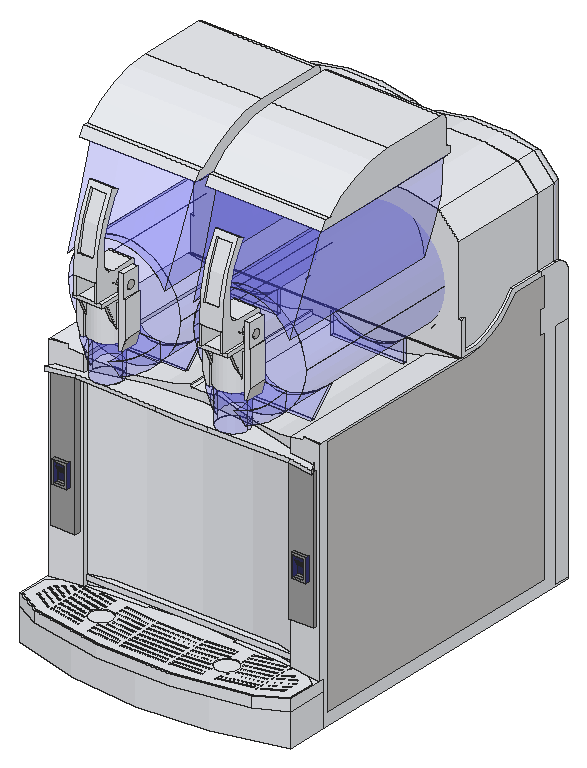
Revit family "QF_ELECTROLUXPROFESSIONAL_560022_NINA2", category Specialty Equipment, Revit 2018 (continued)
Automatic sketch dimensions
  curve 67 to curve 134 = 0.0 mm  (x2)
  curve 67 to curve 135 = 0.0 mm  (x2)
  curve 67 to curve 136 = 0.0 mm  (x2)
  curve 67 to curve 137 = 0.0 mm  (x2)
  curve 67 to curve 138 = 0.0 mm  (x2)
  curve 67 to curve 139 = 0.0 mm  (x2)
  curve 67 to curve 140 = 0.0 mm  (x2)
  curve 67 to curve 141 = 0.0 mm  (x2)
  curve 67 to curve 142 = 0.0 mm  (x2)
  curve 67 to curve 143 = 0.0 mm  (x2)
  curve 67 to curve 144 = 0.0 mm  (x2)
  curve 67 to curve 145 = 0.0 mm  (x2)
  curve 67 to curve 146 = 0.0 mm  (x2)
  curve 67 to curve 147 = 0.0 mm  (x2)
  curve 67 to curve 148 = 0.0 mm  (x2)
  curve 67 to curve 167 = 0.0 mm  (x2)
  curve 67 to curve 168 = 0.0 mm  (x2)
  curve 67 to curve 169 = 0.0 mm  (x2)
  curve 67 to curve 170 = 0.0 mm  (x2)
  curve 67 to curve 171 = 0.0 mm  (x2)
  curve 67 to curve 172 = 0.0 mm  (x2)
  curve 67 to curve 173 = 0.0 mm  (x2)
  curve 67 to curve 174 = 0.0 mm  (x2)
  curve 67 to curve 175 = 0.0 mm  (x2)
  curve 67 to curve 176 = 0.0 mm  (x2)
  curve 67 to curve 177 = 0.0 mm  (x2)
  curve 68 to curve 69 = 0.0 mm  (x2)
  curve 68 to curve 70 = 0.0 mm  (x2)
  curve 68 to curve 71 = 0.0 mm  (x2)
  curve 68 to curve 72 = 0.0 mm  (x2)
  curve 68 to curve 91 = 0.0 mm  (x2)
  curve 68 to curve 92 = 0.0 mm  (x2)
  curve 68 to curve 93 = 0.0 mm  (x2)
  curve 68 to curve 94 = 0.0 mm  (x2)
  curve 68 to curve 95 = 0.0 mm  (x2)
  curve 68 to curve 96 = 0.0 mm  (x2)
  curve 68 to curve 97 = 0.0 mm  (x2)
  curve 68 to curve 98 = 0.0 mm  (x2)
  curve 68 to curve 99 = 0.0 mm  (x2)
  curve 68 to curve 100 = 0.0 mm  (x2)
  curve 68 to curve 101 = 0.0 mm  (x2)
  curve 68 to curve 116 = 0.0 mm  (x2)
  curve 68 to curve 117 = 0.0 mm  (x2)
  curve 68 to curve 134 = 0.0 mm  (x2)
  curve 68 to curve 135 = 0.0 mm  (x2)
  curve 68 to curve 136 = 0.0 mm  (x2)
  curve 68 to curve 137 = 0.0 mm  (x2)
  curve 68 to curve 138 = 0.0 mm  (x2)
  curve 68 to curve 139 = 0.0 mm  (x2)
  curve 68 to curve 140 = 0.0 mm  (x2)
  curve 68 to curve 141 = 0.0 mm  (x2)
  curve 68 to curve 142 = 0.0 mm  (x2)
  curve 68 to curve 143 = 0.0 mm  (x2)
  curve 68 to curve 144 = 0.0 mm  (x2)
  curve 68 to curve 145 = 0.0 mm  (x2)
  curve 68 to curve 146 = 0.0 mm  (x2)
  curve 68 to curve 147 = 0.0 mm  (x2)
  curve 68 to curve 148 = 0.0 mm  (x2)
  curve 68 to curve 167 = 0.0 mm  (x2)
  curve 68 to curve 168 = 0.0 mm  (x2)
  curve 68 to curve 169 = 0.0 mm  (x2)
  curve 68 to curve 170 = 0.0 mm  (x2)
  curve 68 to curve 171 = 0.0 mm  (x2)
  curve 68 to curve 172 = 0.0 mm  (x2)
  curve 68 to curve 173 = 0.0 mm  (x2)
  curve 68 to curve 174 = 0.0 mm  (x2)
  curve 68 to curve 175 = 0.0 mm  (x2)
  curve 68 to curve 176 = 0.0 mm  (x2)
  curve 68 to curve 177 = 0.0 mm  (x2)
  curve 69 to curve 70 = 0.0 mm  (x2)
  curve 69 to curve 71 = 0.0 mm  (x2)
  curve 69 to curve 72 = 0.0 mm  (x2)
  curve 69 to curve 91 = 0.0 mm  (x2)
  curve 69 to curve 92 = 0.0 mm  (x2)
  curve 69 to curve 93 = 0.0 mm  (x2)
  curve 69 to curve 94 = 0.0 mm  (x2)
  curve 69 to curve 95 = 0.0 mm  (x2)
  curve 69 to curve 96 = 0.0 mm  (x2)
  curve 69 to curve 97 = 0.0 mm  (x2)
  curve 69 to curve 98 = 0.0 mm  (x2)
  curve 69 to curve 99 = 0.0 mm  (x2)
  curve 69 to curve 100 = 0.0 mm  (x2)
  curve 69 to curve 101 = 0.0 mm  (x2)
  curve 69 to curve 116 = 0.0 mm  (x2)
  curve 69 to curve 117 = 0.0 mm  (x2)
  curve 69 to curve 134 = 0.0 mm  (x2)
  curve 69 to curve 135 = 0.0 mm  (x2)
  curve 69 to curve 136 = 0.0 mm  (x2)
  curve 69 to curve 137 = 0.0 mm  (x2)
  curve 69 to curve 138 = 0.0 mm  (x2)
  curve 69 to curve 139 = 0.0 mm  (x2)
  curve 69 to curve 140 = 0.0 mm  (x2)
  curve 69 to curve 141 = 0.0 mm  (x2)
  curve 69 to curve 142 = 0.0 mm  (x2)
  curve 69 to curve 143 = 0.0 mm  (x2)
  curve 69 to curve 144 = 0.0 mm  (x2)
  curve 69 to curve 145 = 0.0 mm  (x2)
  curve 69 to curve 146 = 0.0 mm  (x2)
  curve 69 to curve 147 = 0.0 mm  (x2)
  curve 69 to curve 148 = 0.0 mm  (x2)
  curve 69 to curve 167 = 0.0 mm  (x2)
  curve 69 to curve 168 = 0.0 mm  (x2)
  curve 69 to curve 169 = 0.0 mm  (x2)
  curve 69 to curve 170 = 0.0 mm  (x2)
  curve 69 to curve 171 = 0.0 mm  (x2)
  curve 69 to curve 172 = 0.0 mm  (x2)
  curve 69 to curve 173 = 0.0 mm  (x2)
  curve 69 to curve 174 = 0.0 mm  (x2)
  curve 69 to curve 175 = 0.0 mm  (x2)
  curve 69 to curve 176 = 0.0 mm  (x2)
  curve 69 to curve 177 = 0.0 mm  (x2)
  curve 70 to curve 71 = 0.0 mm  (x2)
  curve 70 to curve 72 = 0.0 mm  (x2)
  curve 70 to curve 91 = 0.0 mm  (x2)
  curve 70 to curve 92 = 0.0 mm  (x2)
  curve 70 to curve 93 = 0.0 mm  (x2)
  curve 70 to curve 94 = 0.0 mm  (x2)
  curve 70 to curve 95 = 0.0 mm  (x2)
  curve 70 to curve 96 = 0.0 mm  (x2)
  curve 70 to curve 97 = 0.0 mm  (x2)
  curve 70 to curve 98 = 0.0 mm  (x2)
  curve 70 to curve 99 = 0.0 mm  (x2)
  curve 70 to curve 100 = 0.0 mm  (x2)
  curve 70 to curve 101 = 0.0 mm  (x2)
  curve 70 to curve 116 = 0.0 mm  (x2)
  curve 70 to curve 117 = 0.0 mm  (x2)
  curve 70 to curve 134 = 0.0 mm  (x2)
  curve 70 to curve 135 = 0.0 mm  (x2)
  curve 70 to curve 136 = 0.0 mm  (x2)
  curve 70 to curve 137 = 0.0 mm  (x2)
  curve 70 to curve 138 = 0.0 mm  (x2)
  curve 70 to curve 139 = 0.0 mm  (x2)
  curve 70 to curve 140 = 0.0 mm  (x2)
  curve 70 to curve 141 = 0.0 mm  (x2)
  curve 70 to curve 142 = 0.0 mm  (x2)
  curve 70 to curve 143 = 0.0 mm  (x2)
  curve 70 to curve 144 = 0.0 mm  (x2)
  curve 70 to curve 145 = 0.0 mm  (x2)
  curve 70 to curve 146 = 0.0 mm  (x2)
  curve 70 to curve 147 = 0.0 mm  (x2)
  curve 70 to curve 148 = 0.0 mm  (x2)
  curve 70 to curve 167 = 0.0 mm  (x2)
  curve 70 to curve 168 = 0.0 mm  (x2)
  curve 70 to curve 169 = 0.0 mm  (x2)
  curve 70 to curve 170 = 0.0 mm  (x2)
  curve 70 to curve 171 = 0.0 mm  (x2)
  curve 70 to curve 172 = 0.0 mm  (x2)
  curve 70 to curve 173 = 0.0 mm  (x2)
  curve 70 to curve 174 = 0.0 mm  (x2)
  curve 70 to curve 175 = 0.0 mm  (x2)
  curve 70 to curve 176 = 0.0 mm  (x2)
  curve 70 to curve 177 = 0.0 mm  (x2)
  curve 71 to curve 72 = 0.0 mm  (x2)
  curve 71 to curve 91 = 0.0 mm  (x2)
  curve 71 to curve 92 = 0.0 mm  (x2)
  curve 71 to curve 93 = 0.0 mm  (x2)
  curve 71 to curve 94 = 0.0 mm  (x2)
  curve 71 to curve 95 = 0.0 mm  (x2)
  curve 71 to curve 96 = 0.0 mm  (x2)
  curve 71 to curve 97 = 0.0 mm  (x2)
  curve 71 to curve 98 = 0.0 mm  (x2)
  curve 71 to curve 99 = 0.0 mm  (x2)
  curve 71 to curve 100 = 0.0 mm  (x2)
  curve 71 to curve 101 = 0.0 mm  (x2)
  curve 71 to curve 116 = 0.0 mm  (x2)
  curve 71 to curve 117 = 0.0 mm  (x2)
  curve 71 to curve 134 = 0.0 mm  (x2)
  curve 71 to curve 135 = 0.0 mm  (x2)
  curve 71 to curve 136 = 0.0 mm  (x2)
  curve 71 to curve 137 = 0.0 mm  (x2)
  curve 71 to curve 138 = 0.0 mm  (x2)
  curve 71 to curve 139 = 0.0 mm  (x2)
  curve 71 to curve 140 = 0.0 mm  (x2)
  curve 71 to curve 141 = 0.0 mm  (x2)
  curve 71 to curve 142 = 0.0 mm  (x2)
  curve 71 to curve 143 = 0.0 mm  (x2)
  curve 71 to curve 144 = 0.0 mm  (x2)
  curve 71 to curve 145 = 0.0 mm  (x2)
  curve 71 to curve 146 = 0.0 mm  (x2)
  curve 71 to curve 147 = 0.0 mm  (x2)
  curve 71 to curve 148 = 0.0 mm  (x2)
  curve 71 to curve 167 = 0.0 mm  (x2)
  curve 71 to curve 168 = 0.0 mm  (x2)
  curve 71 to curve 169 = 0.0 mm  (x2)
  curve 71 to curve 170 = 0.0 mm  (x2)
  curve 71 to curve 171 = 0.0 mm  (x2)
  curve 71 to curve 172 = 0.0 mm  (x2)
  curve 71 to curve 173 = 0.0 mm  (x2)
  curve 71 to curve 174 = 0.0 mm  (x2)
  curve 71 to curve 175 = 0.0 mm  (x2)
  curve 71 to curve 176 = 0.0 mm  (x2)
  curve 71 to curve 177 = 0.0 mm  (x2)
  curve 72 to curve 91 = 0.0 mm  (x2)
  curve 72 to curve 92 = 0.0 mm  (x2)
  curve 72 to curve 93 = 0.0 mm  (x2)
  curve 72 to curve 94 = 0.0 mm  (x2)
  curve 72 to curve 95 = 0.0 mm  (x2)
  curve 72 to curve 96 = 0.0 mm  (x2)
  curve 72 to curve 97 = 0.0 mm  (x2)
  curve 72 to curve 98 = 0.0 mm  (x2)
  curve 72 to curve 99 = 0.0 mm  (x2)
  curve 72 to curve 100 = 0.0 mm  (x2)
  curve 72 to curve 101 = 0.0 mm  (x2)
  curve 72 to curve 116 = 0.0 mm  (x2)
  curve 72 to curve 117 = 0.0 mm  (x2)
  curve 72 to curve 134 = 0.0 mm  (x2)
  curve 72 to curve 135 = 0.0 mm  (x2)
  curve 72 to curve 136 = 0.0 mm  (x2)
  curve 72 to curve 137 = 0.0 mm  (x2)
  curve 72 to curve 138 = 0.0 mm  (x2)
  curve 72 to curve 139 = 0.0 mm  (x2)
  curve 72 to curve 140 = 0.0 mm  (x2)
  curve 72 to curve 141 = 0.0 mm  (x2)
  curve 72 to curve 142 = 0.0 mm  (x2)
  curve 72 to curve 143 = 0.0 mm  (x2)
  curve 72 to curve 144 = 0.0 mm  (x2)
  curve 72 to curve 145 = 0.0 mm  (x2)
  curve 72 to curve 146 = 0.0 mm  (x2)
  curve 72 to curve 147 = 0.0 mm  (x2)
  curve 72 to curve 148 = 0.0 mm  (x2)
  curve 72 to curve 167 = 0.0 mm  (x2)
  curve 72 to curve 168 = 0.0 mm  (x2)
  curve 72 to curve 169 = 0.0 mm  (x2)
  curve 72 to curve 170 = 0.0 mm  (x2)
  curve 72 to curve 171 = 0.0 mm  (x2)
  curve 72 to curve 172 = 0.0 mm  (x2)
  curve 72 to curve 173 = 0.0 mm  (x2)
  curve 72 to curve 174 = 0.0 mm  (x2)
  curve 72 to curve 175 = 0.0 mm  (x2)
  curve 72 to curve 176 = 0.0 mm  (x2)
  curve 72 to curve 177 = 0.0 mm  (x2)
  curve 91 to curve 92 = 0.0 mm  (x2)
  curve 91 to curve 93 = 0.0 mm  (x2)
  curve 91 to curve 94 = 0.0 mm  (x2)
  curve 91 to curve 95 = 0.0 mm  (x2)
  curve 91 to curve 96 = 0.0 mm  (x2)
  curve 91 to curve 97 = 0.0 mm  (x2)
  curve 91 to curve 98 = 0.0 mm  (x2)
  curve 91 to curve 99 = 0.0 mm  (x2)
  curve 91 to curve 100 = 0.0 mm  (x2)
  curve 91 to curve 101 = 0.0 mm  (x2)
  curve 91 to curve 116 = 0.0 mm  (x2)
  curve 91 to curve 117 = 0.0 mm  (x2)
  curve 91 to curve 134 = 0.0 mm  (x2)
  curve 91 to curve 135 = 0.0 mm  (x2)
  curve 91 to curve 136 = 0.0 mm  (x2)
  curve 91 to curve 137 = 0.0 mm  (x2)
  curve 91 to curve 138 = 0.0 mm  (x2)
  curve 91 to curve 139 = 0.0 mm  (x2)
  curve 91 to curve 140 = 0.0 mm  (x2)
  curve 91 to curve 141 = 0.0 mm  (x2)
  curve 91 to curve 142 = 0.0 mm  (x2)
  curve 91 to curve 143 = 0.0 mm  (x2)
  curve 91 to curve 144 = 0.0 mm  (x2)
  curve 91 to curve 145 = 0.0 mm  (x2)
  curve 91 to curve 146 = 0.0 mm  (x2)
  curve 91 to curve 147 = 0.0 mm  (x2)
  curve 91 to curve 148 = 0.0 mm  (x2)
  curve 91 to curve 167 = 0.0 mm  (x2)
  curve 91 to curve 168 = 0.0 mm  (x2)
  curve 91 to curve 169 = 0.0 mm  (x2)
  curve 91 to curve 170 = 0.0 mm  (x2)
  curve 91 to curve 171 = 0.0 mm  (x2)
  curve 91 to curve 172 = 0.0 mm  (x2)
  curve 91 to curve 173 = 0.0 mm  (x2)
  curve 91 to curve 174 = 0.0 mm  (x2)
  curve 91 to curve 175 = 0.0 mm  (x2)
  curve 91 to curve 176 = 0.0 mm  (x2)
  curve 91 to curve 177 = 0.0 mm  (x2)
  curve 92 to curve 93 = 0.0 mm  (x2)
  curve 92 to curve 94 = 0.0 mm  (x2)
  curve 92 to curve 95 = 0.0 mm  (x2)
  curve 92 to curve 96 = 0.0 mm  (x2)
  curve 92 to curve 97 = 0.0 mm  (x2)
  curve 92 to curve 98 = 0.0 mm  (x2)
  curve 92 to curve 99 = 0.0 mm  (x2)
  curve 92 to curve 100 = 0.0 mm  (x2)
  curve 92 to curve 101 = 0.0 mm  (x2)
  curve 92 to curve 116 = 0.0 mm  (x2)
  curve 92 to curve 117 = 0.0 mm  (x2)
  curve 92 to curve 134 = 0.0 mm  (x2)
  curve 92 to curve 135 = 0.0 mm  (x2)
  curve 92 to curve 136 = 0.0 mm  (x2)
  curve 92 to curve 137 = 0.0 mm  (x2)
  curve 92 to curve 138 = 0.0 mm  (x2)
  curve 92 to curve 139 = 0.0 mm  (x2)
  curve 92 to curve 140 = 0.0 mm  (x2)
  curve 92 to curve 141 = 0.0 mm  (x2)
  curve 92 to curve 142 = 0.0 mm  (x2)
  curve 92 to curve 143 = 0.0 mm  (x2)
  curve 92 to curve 144 = 0.0 mm  (x2)
  curve 92 to curve 145 = 0.0 mm  (x2)
  curve 92 to curve 146 = 0.0 mm  (x2)
  curve 92 to curve 147 = 0.0 mm  (x2)
  curve 92 to curve 148 = 0.0 mm  (x2)
  curve 92 to curve 167 = 0.0 mm  (x2)
  curve 92 to curve 168 = 0.0 mm  (x2)
  curve 92 to curve 169 = 0.0 mm  (x2)
  curve 92 to curve 170 = 0.0 mm  (x2)
  curve 92 to curve 171 = 0.0 mm  (x2)
  curve 92 to curve 172 = 0.0 mm  (x2)
  curve 92 to curve 173 = 0.0 mm  (x2)
  curve 92 to curve 174 = 0.0 mm  (x2)
  curve 92 to curve 175 = 0.0 mm  (x2)
  curve 92 to curve 176 = 0.0 mm  (x2)
  curve 92 to curve 177 = 0.0 mm  (x2)
  curve 93 to curve 94 = 0.0 mm  (x2)
  curve 93 to curve 95 = 0.0 mm  (x2)
  curve 93 to curve 96 = 0.0 mm  (x2)
  curve 93 to curve 97 = 0.0 mm  (x2)
  curve 93 to curve 98 = 0.0 mm  (x2)
  curve 93 to curve 99 = 0.0 mm  (x2)
  curve 93 to curve 100 = 0.0 mm  (x2)
  curve 93 to curve 101 = 0.0 mm  (x2)
  curve 93 to curve 116 = 0.0 mm  (x2)
  curve 93 to curve 117 = 0.0 mm  (x2)
  curve 93 to curve 134 = 0.0 mm  (x2)
  curve 93 to curve 135 = 0.0 mm  (x2)
  curve 93 to curve 136 = 0.0 mm  (x2)
  curve 93 to curve 137 = 0.0 mm  (x2)
  curve 93 to curve 138 = 0.0 mm  (x2)
  curve 93 to curve 139 = 0.0 mm  (x2)
  curve 93 to curve 140 = 0.0 mm  (x2)
  curve 93 to curve 141 = 0.0 mm  (x2)
  curve 93 to curve 142 = 0.0 mm  (x2)
  curve 93 to curve 143 = 0.0 mm  (x2)
  curve 93 to curve 144 = 0.0 mm  (x2)
  curve 93 to curve 145 = 0.0 mm  (x2)
  curve 93 to curve 146 = 0.0 mm  (x2)
  curve 93 to curve 147 = 0.0 mm  (x2)
  curve 93 to curve 148 = 0.0 mm  (x2)
  curve 93 to curve 167 = 0.0 mm  (x2)
  curve 93 to curve 168 = 0.0 mm  (x2)
  curve 93 to curve 169 = 0.0 mm  (x2)
  curve 93 to curve 170 = 0.0 mm  (x2)
  curve 93 to curve 171 = 0.0 mm  (x2)
  curve 93 to curve 172 = 0.0 mm  (x2)
  curve 93 to curve 173 = 0.0 mm  (x2)
  curve 93 to curve 174 = 0.0 mm  (x2)
  curve 93 to curve 175 = 0.0 mm  (x2)
  curve 93 to curve 176 = 0.0 mm  (x2)
  curve 93 to curve 177 = 0.0 mm  (x2)
  curve 94 to curve 95 = 0.0 mm  (x2)
  curve 94 to curve 96 = 0.0 mm  (x2)
  curve 94 to curve 97 = 0.0 mm  (x2)
  curve 94 to curve 98 = 0.0 mm  (x2)
  curve 94 to curve 99 = 0.0 mm  (x2)
  curve 94 to curve 100 = 0.0 mm  (x2)
  curve 94 to curve 101 = 0.0 mm  (x2)
  curve 94 to curve 116 = 0.0 mm  (x2)
  curve 94 to curve 117 = 0.0 mm  (x2)
  curve 94 to curve 134 = 0.0 mm  (x2)
  curve 94 to curve 135 = 0.0 mm  (x2)
  curve 94 to curve 136 = 0.0 mm  (x2)
  curve 94 to curve 137 = 0.0 mm  (x2)
  curve 94 to curve 138 = 0.0 mm  (x2)
  curve 94 to curve 139 = 0.0 mm  (x2)
  curve 94 to curve 140 = 0.0 mm  (x2)
  curve 94 to curve 141 = 0.0 mm  (x2)
  curve 94 to curve 142 = 0.0 mm  (x2)
  curve 94 to curve 143 = 0.0 mm  (x2)
  curve 94 to curve 144 = 0.0 mm  (x2)
  curve 94 to curve 145 = 0.0 mm  (x2)
  curve 94 to curve 146 = 0.0 mm  (x2)
  curve 94 to curve 147 = 0.0 mm  (x2)
  curve 94 to curve 148 = 0.0 mm  (x2)
  curve 94 to curve 167 = 0.0 mm  (x2)
  curve 94 to curve 168 = 0.0 mm  (x2)
  curve 94 to curve 169 = 0.0 mm  (x2)
  curve 94 to curve 170 = 0.0 mm  (x2)
  curve 94 to curve 171 = 0.0 mm  (x2)
  curve 94 to curve 172 = 0.0 mm  (x2)
  curve 94 to curve 173 = 0.0 mm  (x2)
  curve 94 to curve 174 = 0.0 mm  (x2)
  curve 94 to curve 175 = 0.0 mm  (x2)
  curve 94 to curve 176 = 0.0 mm  (x2)
  curve 94 to curve 177 = 0.0 mm  (x2)
  curve 95 to curve 96 = 0.0 mm  (x2)
  curve 95 to curve 97 = 0.0 mm  (x2)
  curve 95 to curve 98 = 0.0 mm  (x2)
  curve 95 to curve 99 = 0.0 mm  (x2)
  curve 95 to curve 100 = 0.0 mm  (x2)
  curve 95 to curve 101 = 0.0 mm  (x2)
  curve 95 to curve 116 = 0.0 mm  (x2)
  curve 95 to curve 117 = 0.0 mm  (x2)
  curve 95 to curve 134 = 0.0 mm  (x2)
  curve 95 to curve 135 = 0.0 mm  (x2)
  curve 95 to curve 136 = 0.0 mm  (x2)
  curve 95 to curve 137 = 0.0 mm  (x2)
  curve 95 to curve 138 = 0.0 mm  (x2)
  curve 95 to curve 139 = 0.0 mm  (x2)
  curve 95 to curve 140 = 0.0 mm  (x2)
  curve 95 to curve 141 = 0.0 mm  (x2)
  curve 95 to curve 142 = 0.0 mm  (x2)
  curve 95 to curve 143 = 0.0 mm  (x2)
  curve 95 to curve 144 = 0.0 mm  (x2)
  curve 95 to curve 145 = 0.0 mm  (x2)
  curve 95 to curve 146 = 0.0 mm  (x2)
  curve 95 to curve 147 = 0.0 mm  (x2)
  curve 95 to curve 148 = 0.0 mm  (x2)
  curve 95 to curve 167 = 0.0 mm  (x2)
  curve 95 to curve 168 = 0.0 mm  (x2)
  curve 95 to curve 169 = 0.0 mm  (x2)
  curve 95 to curve 170 = 0.0 mm  (x2)
  curve 95 to curve 171 = 0.0 mm  (x2)
  curve 95 to curve 172 = 0.0 mm  (x2)
  curve 95 to curve 173 = 0.0 mm  (x2)
  curve 95 to curve 174 = 0.0 mm  (x2)
  curve 95 to curve 175 = 0.0 mm  (x2)
  curve 95 to curve 176 = 0.0 mm  (x2)
  curve 95 to curve 177 = 0.0 mm  (x2)
  curve 96 to curve 97 = 0.0 mm  (x2)
  curve 96 to curve 98 = 0.0 mm  (x2)
  curve 96 to curve 99 = 0.0 mm  (x2)
  curve 96 to curve 100 = 0.0 mm  (x2)
  curve 96 to curve 101 = 0.0 mm  (x2)
  curve 96 to curve 116 = 0.0 mm  (x2)
  curve 96 to curve 117 = 0.0 mm  (x2)
  curve 96 to curve 134 = 0.0 mm  (x2)
  curve 96 to curve 135 = 0.0 mm  (x2)
  curve 96 to curve 136 = 0.0 mm  (x2)
  curve 96 to curve 137 = 0.0 mm  (x2)
  curve 96 to curve 138 = 0.0 mm  (x2)
  curve 96 to curve 139 = 0.0 mm  (x2)
  curve 96 to curve 140 = 0.0 mm  (x2)
  curve 96 to curve 141 = 0.0 mm  (x2)
  curve 96 to curve 142 = 0.0 mm  (x2)
  curve 96 to curve 143 = 0.0 mm  (x2)
  curve 96 to curve 144 = 0.0 mm  (x2)
  curve 96 to curve 145 = 0.0 mm  (x2)
  curve 96 to curve 146 = 0.0 mm  (x2)
  curve 96 to curve 147 = 0.0 mm  (x2)
  curve 96 to curve 148 = 0.0 mm  (x2)
  curve 96 to curve 167 = 0.0 mm  (x2)
  curve 96 to curve 168 = 0.0 mm  (x2)
  curve 96 to curve 169 = 0.0 mm  (x2)
  curve 96 to curve 170 = 0.0 mm  (x2)
  curve 96 to curve 171 = 0.0 mm  (x2)
  curve 96 to curve 172 = 0.0 mm  (x2)
  curve 96 to curve 173 = 0.0 mm  (x2)
  curve 96 to curve 174 = 0.0 mm  (x2)
  curve 96 to curve 175 = 0.0 mm  (x2)
  curve 96 to curve 176 = 0.0 mm  (x2)
  curve 96 to curve 177 = 0.0 mm  (x2)
  curve 97 to curve 98 = 0.0 mm  (x2)
  curve 97 to curve 99 = 0.0 mm  (x2)
  curve 97 to curve 100 = 0.0 mm  (x2)
  curve 97 to curve 101 = 0.0 mm  (x2)
  curve 97 to curve 116 = 0.0 mm  (x2)
  curve 97 to curve 117 = 0.0 mm  (x2)
  curve 97 to curve 134 = 0.0 mm  (x2)
  curve 97 to curve 135 = 0.0 mm  (x2)
  curve 97 to curve 136 = 0.0 mm  (x2)
  curve 97 to curve 137 = 0.0 mm  (x2)
  curve 97 to curve 138 = 0.0 mm  (x2)
  curve 97 to curve 139 = 0.0 mm  (x2)
  curve 97 to curve 140 = 0.0 mm  (x2)
  curve 97 to curve 141 = 0.0 mm  (x2)
  curve 97 to curve 142 = 0.0 mm  (x2)
  curve 97 to curve 143 = 0.0 mm  (x2)
  curve 97 to curve 144 = 0.0 mm  (x2)
  curve 97 to curve 145 = 0.0 mm  (x2)
  curve 97 to curve 146 = 0.0 mm  (x2)
  curve 97 to curve 147 = 0.0 mm  (x2)
  curve 97 to curve 148 = 0.0 mm  (x2)
  curve 97 to curve 167 = 0.0 mm  (x2)
  curve 97 to curve 168 = 0.0 mm  (x2)
  curve 97 to curve 169 = 0.0 mm  (x2)
  curve 97 to curve 170 = 0.0 mm  (x2)
  curve 97 to curve 171 = 0.0 mm  (x2)
  curve 97 to curve 172 = 0.0 mm  (x2)
  curve 97 to curve 173 = 0.0 mm  (x2)
  curve 97 to curve 174 = 0.0 mm  (x2)
  curve 97 to curve 175 = 0.0 mm  (x2)
  curve 97 to curve 176 = 0.0 mm  (x2)
  curve 97 to curve 177 = 0.0 mm  (x2)
  curve 98 to curve 99 = 0.0 mm  (x2)
  curve 98 to curve 100 = 0.0 mm  (x2)
  curve 98 to curve 101 = 0.0 mm  (x2)
  curve 98 to curve 116 = 0.0 mm  (x2)
  curve 98 to curve 117 = 0.0 mm  (x2)
  curve 98 to curve 134 = 0.0 mm  (x2)
  curve 98 to curve 135 = 0.0 mm  (x2)
  curve 98 to curve 136 = 0.0 mm  (x2)
  curve 98 to curve 137 = 0.0 mm  (x2)
  curve 98 to curve 138 = 0.0 mm  (x2)
  curve 98 to curve 139 = 0.0 mm  (x2)
  curve 98 to curve 140 = 0.0 mm  (x2)
  curve 98 to curve 141 = 0.0 mm  (x2)
  curve 98 to curve 142 = 0.0 mm  (x2)
  curve 98 to curve 143 = 0.0 mm  (x2)
  curve 98 to curve 144 = 0.0 mm  (x2)
  curve 98 to curve 145 = 0.0 mm  (x2)
  curve 98 to curve 146 = 0.0 mm  (x2)
  curve 98 to curve 147 = 0.0 mm  (x2)
  curve 98 to curve 148 = 0.0 mm  (x2)
  curve 98 to curve 167 = 0.0 mm  (x2)
  curve 98 to curve 168 = 0.0 mm  (x2)
  curve 98 to curve 169 = 0.0 mm  (x2)
  curve 98 to curve 170 = 0.0 mm  (x2)
  curve 98 to curve 171 = 0.0 mm  (x2)
  curve 98 to curve 172 = 0.0 mm  (x2)
  curve 98 to curve 173 = 0.0 mm  (x2)
  curve 98 to curve 174 = 0.0 mm  (x2)
  curve 98 to curve 175 = 0.0 mm  (x2)
  curve 98 to curve 176 = 0.0 mm  (x2)
  curve 98 to curve 177 = 0.0 mm  (x2)
  curve 99 to curve 100 = 0.0 mm  (x2)
  curve 99 to curve 101 = 0.0 mm  (x2)
  curve 99 to curve 116 = 0.0 mm  (x2)
  curve 99 to curve 117 = 0.0 mm  (x2)
  curve 99 to curve 134 = 0.0 mm  (x2)
  curve 99 to curve 135 = 0.0 mm  (x2)
  curve 99 to curve 136 = 0.0 mm  (x2)
  curve 99 to curve 137 = 0.0 mm  (x2)
  curve 99 to curve 138 = 0.0 mm  (x2)
  curve 99 to curve 139 = 0.0 mm  (x2)
  curve 99 to curve 140 = 0.0 mm  (x2)
  curve 99 to curve 141 = 0.0 mm  (x2)
  curve 99 to curve 142 = 0.0 mm  (x2)
  curve 99 to curve 143 = 0.0 mm  (x2)
  curve 99 to curve 144 = 0.0 mm  (x2)
  curve 99 to curve 145 = 0.0 mm  (x2)
  curve 99 to curve 146 = 0.0 mm  (x2)
  curve 99 to curve 147 = 0.0 mm  (x2)
  curve 99 to curve 148 = 0.0 mm  (x2)
  curve 99 to curve 167 = 0.0 mm  (x2)
  curve 99 to curve 168 = 0.0 mm  (x2)
  curve 99 to curve 169 = 0.0 mm  (x2)
  curve 99 to curve 170 = 0.0 mm  (x2)
  curve 99 to curve 171 = 0.0 mm  (x2)
  curve 99 to curve 172 = 0.0 mm  (x2)
  curve 99 to curve 173 = 0.0 mm  (x2)
  curve 99 to curve 174 = 0.0 mm  (x2)
  curve 99 to curve 175 = 0.0 mm  (x2)
  curve 99 to curve 176 = 0.0 mm  (x2)
  curve 99 to curve 177 = 0.0 mm  (x2)
  curve 100 to curve 101 = 0.0 mm  (x2)
  curve 100 to curve 116 = 0.0 mm  (x2)
  curve 100 to curve 117 = 0.0 mm  (x2)
  curve 100 to curve 134 = 0.0 mm  (x2)
  curve 100 to curve 135 = 0.0 mm  (x2)
  curve 100 to curve 136 = 0.0 mm  (x2)
  curve 100 to curve 137 = 0.0 mm  (x2)
  curve 100 to curve 138 = 0.0 mm  (x2)
  curve 100 to curve 139 = 0.0 mm  (x2)
  curve 100 to curve 140 = 0.0 mm  (x2)
  curve 100 to curve 141 = 0.0 mm  (x2)
  curve 100 to curve 142 = 0.0 mm  (x2)
  curve 100 to curve 143 = 0.0 mm  (x2)
  curve 100 to curve 144 = 0.0 mm  (x2)
  curve 100 to curve 145 = 0.0 mm  (x2)
  curve 100 to curve 146 = 0.0 mm  (x2)
  curve 100 to curve 147 = 0.0 mm  (x2)
  curve 100 to curve 148 = 0.0 mm  (x2)
  curve 100 to curve 167 = 0.0 mm  (x2)
  curve 100 to curve 168 = 0.0 mm  (x2)
  curve 100 to curve 169 = 0.0 mm  (x2)
  curve 100 to curve 170 = 0.0 mm  (x2)
  curve 100 to curve 171 = 0.0 mm  (x2)
  curve 100 to curve 172 = 0.0 mm  (x2)
  curve 100 to curve 173 = 0.0 mm  (x2)
  curve 100 to curve 174 = 0.0 mm  (x2)
  curve 100 to curve 175 = 0.0 mm  (x2)
  curve 100 to curve 176 = 0.0 mm  (x2)
  curve 100 to curve 177 = 0.0 mm  (x2)
  curve 101 to curve 116 = 0.0 mm  (x2)
  curve 101 to curve 117 = 0.0 mm  (x2)
  curve 101 to curve 134 = 0.0 mm  (x2)
  curve 101 to curve 135 = 0.0 mm  (x2)
  curve 101 to curve 136 = 0.0 mm  (x2)
  curve 101 to curve 137 = 0.0 mm  (x2)
  curve 101 to curve 138 = 0.0 mm  (x2)
  curve 101 to curve 139 = 0.0 mm  (x2)
  curve 101 to curve 140 = 0.0 mm  (x2)
  curve 101 to curve 141 = 0.0 mm  (x2)
  curve 101 to curve 142 = 0.0 mm  (x2)
  curve 101 to curve 143 = 0.0 mm  (x2)
  curve 101 to curve 144 = 0.0 mm  (x2)
  curve 101 to curve 145 = 0.0 mm  (x2)
  curve 101 to curve 146 = 0.0 mm  (x2)
  curve 101 to curve 147 = 0.0 mm  (x2)
  curve 101 to curve 148 = 0.0 mm  (x2)
  curve 101 to curve 167 = 0.0 mm  (x2)
  curve 101 to curve 168 = 0.0 mm  (x2)
  curve 101 to curve 169 = 0.0 mm  (x2)
  curve 101 to curve 170 = 0.0 mm  (x2)
  curve 101 to curve 171 = 0.0 mm  (x2)
  curve 101 to curve 172 = 0.0 mm  (x2)
  curve 101 to curve 173 = 0.0 mm  (x2)
  curve 101 to curve 174 = 0.0 mm  (x2)
  curve 101 to curve 175 = 0.0 mm  (x2)
  curve 101 to curve 176 = 0.0 mm  (x2)
  curve 101 to curve 177 = 0.0 mm  (x2)
  curve 116 to curve 117 = 0.0 mm  (x2)
  curve 116 to curve 134 = 0.0 mm  (x2)
  curve 116 to curve 135 = 0.0 mm  (x2)
  curve 116 to curve 136 = 0.0 mm  (x2)
  curve 116 to curve 137 = 0.0 mm  (x2)
  curve 116 to curve 138 = 0.0 mm  (x2)
  curve 116 to curve 139 = 0.0 mm  (x2)
  curve 116 to curve 140 = 0.0 mm  (x2)
  curve 116 to curve 141 = 0.0 mm  (x2)
  curve 116 to curve 142 = 0.0 mm  (x2)
  curve 116 to curve 143 = 0.0 mm  (x2)
  curve 116 to curve 144 = 0.0 mm  (x2)
  curve 116 to curve 145 = 0.0 mm  (x2)
  curve 116 to curve 146 = 0.0 mm  (x2)
  curve 116 to curve 147 = 0.0 mm  (x2)
  curve 116 to curve 148 = 0.0 mm  (x2)
  curve 116 to curve 167 = 0.0 mm  (x2)
  curve 116 to curve 168 = 0.0 mm  (x2)
  curve 116 to curve 169 = 0.0 mm  (x2)
  curve 116 to curve 170 = 0.0 mm  (x2)
  curve 116 to curve 171 = 0.0 mm  (x2)
  curve 116 to curve 172 = 0.0 mm  (x2)
  curve 116 to curve 173 = 0.0 mm  (x2)
  curve 116 to curve 174 = 0.0 mm  (x2)
  curve 116 to curve 175 = 0.0 mm  (x2)
  curve 116 to curve 176 = 0.0 mm  (x2)
  curve 116 to curve 177 = 0.0 mm  (x2)
  curve 117 to curve 134 = 0.0 mm  (x2)
  curve 117 to curve 135 = 0.0 mm  (x2)
  curve 117 to curve 136 = 0.0 mm  (x2)
  curve 117 to curve 137 = 0.0 mm  (x2)
  curve 117 to curve 138 = 0.0 mm  (x2)
  curve 117 to curve 139 = 0.0 mm  (x2)
  curve 117 to curve 140 = 0.0 mm  (x2)
  curve 117 to curve 141 = 0.0 mm  (x2)
  curve 117 to curve 142 = 0.0 mm  (x2)
  curve 117 to curve 143 = 0.0 mm  (x2)
  curve 117 to curve 144 = 0.0 mm  (x2)
  curve 117 to curve 145 = 0.0 mm  (x2)
  curve 117 to curve 146 = 0.0 mm  (x2)
  curve 117 to curve 147 = 0.0 mm  (x2)
  curve 117 to curve 148 = 0.0 mm  (x2)
  curve 117 to curve 167 = 0.0 mm  (x2)
  curve 117 to curve 168 = 0.0 mm  (x2)
  curve 117 to curve 169 = 0.0 mm  (x2)
  curve 117 to curve 170 = 0.0 mm  (x2)
  curve 117 to curve 171 = 0.0 mm  (x2)
  curve 117 to curve 172 = 0.0 mm  (x2)
  curve 117 to curve 173 = 0.0 mm  (x2)
  curve 117 to curve 174 = 0.0 mm  (x2)
  curve 117 to curve 175 = 0.0 mm  (x2)
  curve 117 to curve 176 = 0.0 mm  (x2)
  curve 117 to curve 177 = 0.0 mm  (x2)
  curve 134 to curve 135 = 0.0 mm  (x2)
  curve 134 to curve 136 = 0.0 mm  (x2)
  curve 134 to curve 137 = 0.0 mm  (x2)
  curve 134 to curve 138 = 0.0 mm  (x2)
  curve 134 to curve 139 = 0.0 mm  (x2)
  curve 134 to curve 140 = 0.0 mm  (x2)
  curve 134 to curve 141 = 0.0 mm  (x2)
  curve 134 to curve 142 = 0.0 mm  (x2)
  curve 134 to curve 143 = 0.0 mm  (x2)
  curve 134 to curve 144 = 0.0 mm  (x2)
  curve 134 to curve 145 = 0.0 mm  (x2)
  curve 134 to curve 146 = 0.0 mm  (x2)
  curve 134 to curve 147 = 0.0 mm  (x2)
  curve 134 to curve 148 = 0.0 mm  (x2)
  curve 134 to curve 167 = 0.0 mm  (x2)
  curve 134 to curve 168 = 0.0 mm  (x2)
  curve 134 to curve 169 = 0.0 mm  (x2)
  curve 134 to curve 170 = 0.0 mm  (x2)
  curve 134 to curve 171 = 0.0 mm  (x2)
  curve 134 to curve 172 = 0.0 mm  (x2)
  curve 134 to curve 173 = 0.0 mm  (x2)
  curve 134 to curve 174 = 0.0 mm  (x2)
  curve 134 to curve 175 = 0.0 mm  (x2)
  curve 134 to curve 176 = 0.0 mm  (x2)
  curve 134 to curve 177 = 0.0 mm  (x2)
  curve 135 to curve 136 = 0.0 mm  (x2)
  curve 135 to curve 137 = 0.0 mm  (x2)
  curve 135 to curve 138 = 0.0 mm  (x2)
  curve 135 to curve 139 = 0.0 mm  (x2)
  curve 135 to curve 140 = 0.0 mm  (x2)
  curve 135 to curve 141 = 0.0 mm  (x2)
  curve 135 to curve 142 = 0.0 mm  (x2)
  curve 135 to curve 143 = 0.0 mm  (x2)
  curve 135 to curve 144 = 0.0 mm  (x2)
  curve 135 to curve 145 = 0.0 mm  (x2)
  curve 135 to curve 146 = 0.0 mm  (x2)
  curve 135 to curve 147 = 0.0 mm  (x2)
  curve 135 to curve 148 = 0.0 mm  (x2)
  curve 135 to curve 167 = 0.0 mm  (x2)
  curve 135 to curve 168 = 0.0 mm  (x2)
  curve 135 to curve 169 = 0.0 mm  (x2)
  curve 135 to curve 170 = 0.0 mm  (x2)
  curve 135 to curve 171 = 0.0 mm  (x2)
  curve 135 to curve 172 = 0.0 mm  (x2)
  curve 135 to curve 173 = 0.0 mm  (x2)
  curve 135 to curve 174 = 0.0 mm  (x2)
  curve 135 to curve 175 = 0.0 mm  (x2)
  curve 135 to curve 176 = 0.0 mm  (x2)
  curve 135 to curve 177 = 0.0 mm  (x2)
  curve 136 to curve 137 = 0.0 mm  (x2)
  curve 136 to curve 138 = 0.0 mm  (x2)
  curve 136 to curve 139 = 0.0 mm  (x2)
  curve 136 to curve 140 = 0.0 mm  (x2)
  curve 136 to curve 141 = 0.0 mm  (x2)
  curve 136 to curve 142 = 0.0 mm  (x2)
  curve 136 to curve 143 = 0.0 mm  (x2)
  curve 136 to curve 144 = 0.0 mm  (x2)
  curve 136 to curve 145 = 0.0 mm  (x2)
  curve 136 to curve 146 = 0.0 mm  (x2)
  curve 136 to curve 147 = 0.0 mm  (x2)
  curve 136 to curve 148 = 0.0 mm  (x2)
  curve 136 to curve 167 = 0.0 mm  (x2)
  curve 136 to curve 168 = 0.0 mm  (x2)
  curve 136 to curve 169 = 0.0 mm  (x2)
  curve 136 to curve 170 = 0.0 mm  (x2)
  curve 136 to curve 171 = 0.0 mm  (x2)
  curve 136 to curve 172 = 0.0 mm  (x2)
  curve 136 to curve 173 = 0.0 mm  (x2)
  curve 136 to curve 174 = 0.0 mm  (x2)
  curve 136 to curve 175 = 0.0 mm  (x2)
  curve 136 to curve 176 = 0.0 mm  (x2)
  curve 136 to curve 177 = 0.0 mm  (x2)
  curve 137 to curve 138 = 0.0 mm  (x2)
  curve 137 to curve 139 = 0.0 mm  (x2)
  curve 137 to curve 140 = 0.0 mm  (x2)
  curve 137 to curve 141 = 0.0 mm  (x2)
  curve 137 to curve 142 = 0.0 mm  (x2)
  curve 137 to curve 143 = 0.0 mm  (x2)
  curve 137 to curve 144 = 0.0 mm  (x2)
  curve 137 to curve 145 = 0.0 mm  (x2)
  curve 137 to curve 146 = 0.0 mm  (x2)
  curve 137 to curve 147 = 0.0 mm  (x2)
  curve 137 to curve 148 = 0.0 mm  (x2)
  curve 137 to curve 167 = 0.0 mm  (x2)
  curve 137 to curve 168 = 0.0 mm  (x2)
  curve 137 to curve 169 = 0.0 mm  (x2)
  curve 137 to curve 170 = 0.0 mm  (x2)
  curve 137 to curve 171 = 0.0 mm  (x2)
  curve 137 to curve 172 = 0.0 mm  (x2)
  curve 137 to curve 173 = 0.0 mm  (x2)
  curve 137 to curve 174 = 0.0 mm  (x2)
  curve 137 to curve 175 = 0.0 mm  (x2)
  curve 137 to curve 176 = 0.0 mm  (x2)
  curve 137 to curve 177 = 0.0 mm  (x2)
  curve 138 to curve 139 = 0.0 mm  (x2)
  curve 138 to curve 140 = 0.0 mm  (x2)
  curve 138 to curve 141 = 0.0 mm  (x2)
  curve 138 to curve 142 = 0.0 mm  (x2)
  curve 138 to curve 143 = 0.0 mm  (x2)
  curve 138 to curve 144 = 0.0 mm  (x2)
  curve 138 to curve 145 = 0.0 mm  (x2)
  curve 138 to curve 146 = 0.0 mm  (x2)
  curve 138 to curve 147 = 0.0 mm  (x2)
  curve 138 to curve 148 = 0.0 mm  (x2)
  curve 138 to curve 167 = 0.0 mm  (x2)
  curve 138 to curve 168 = 0.0 mm  (x2)
  curve 138 to curve 169 = 0.0 mm  (x2)
  curve 138 to curve 170 = 0.0 mm  (x2)
  curve 138 to curve 171 = 0.0 mm  (x2)
  curve 138 to curve 172 = 0.0 mm  (x2)
  curve 138 to curve 173 = 0.0 mm  (x2)
  curve 138 to curve 174 = 0.0 mm  (x2)
  curve 138 to curve 175 = 0.0 mm  (x2)
  curve 138 to curve 176 = 0.0 mm  (x2)
  curve 138 to curve 177 = 0.0 mm  (x2)
  curve 139 to curve 140 = 0.0 mm  (x2)
  curve 139 to curve 141 = 0.0 mm  (x2)
  curve 139 to curve 142 = 0.0 mm  (x2)
  curve 139 to curve 143 = 0.0 mm  (x2)
  curve 139 to curve 144 = 0.0 mm  (x2)
  curve 139 to curve 145 = 0.0 mm  (x2)
  curve 139 to curve 146 = 0.0 mm  (x2)
  curve 139 to curve 147 = 0.0 mm  (x2)
  curve 139 to curve 148 = 0.0 mm  (x2)
  curve 139 to curve 167 = 0.0 mm  (x2)
  curve 139 to curve 168 = 0.0 mm  (x2)
  curve 139 to curve 169 = 0.0 mm  (x2)
  curve 139 to curve 170 = 0.0 mm  (x2)
  curve 139 to curve 171 = 0.0 mm  (x2)
  curve 139 to curve 172 = 0.0 mm  (x2)
  curve 139 to curve 173 = 0.0 mm  (x2)
  curve 139 to curve 174 = 0.0 mm  (x2)
  curve 139 to curve 175 = 0.0 mm  (x2)
  curve 139 to curve 176 = 0.0 mm  (x2)
  curve 139 to curve 177 = 0.0 mm  (x2)
  curve 140 to curve 141 = 0.0 mm  (x3)
  curve 140 to curve 142 = 0.0 mm  (x2)
  curve 140 to curve 143 = 0.0 mm  (x2)
  curve 140 to curve 144 = 0.0 mm  (x2)
  curve 140 to curve 145 = 0.0 mm  (x2)
  curve 140 to curve 146 = 0.0 mm  (x2)
  curve 140 to curve 147 = 0.0 mm  (x2)
  curve 140 to curve 148 = 0.0 mm  (x2)
  curve 140 to curve 167 = 0.0 mm  (x2)
  curve 140 to curve 168 = 0.0 mm  (x2)
  curve 140 to curve 169 = 0.0 mm  (x2)
  curve 140 to curve 170 = 0.0 mm  (x2)
  curve 140 to curve 171 = 0.0 mm  (x2)
  curve 140 to curve 172 = 0.0 mm  (x2)
  curve 140 to curve 173 = 0.0 mm  (x2)
  curve 140 to curve 174 = 0.0 mm  (x2)
  curve 140 to curve 175 = 0.0 mm  (x2)
  curve 140 to curve 176 = 0.0 mm  (x2)
  curve 140 to curve 177 = 0.0 mm  (x2)
  curve 141 to curve 142 = 0.0 mm  (x2)
  curve 141 to curve 143 = 0.0 mm  (x2)
  curve 141 to curve 144 = 0.0 mm  (x2)
  curve 141 to curve 145 = 0.0 mm  (x2)
  curve 141 to curve 146 = 0.0 mm  (x2)
  curve 141 to curve 147 = 0.0 mm  (x2)
  curve 141 to curve 148 = 0.0 mm  (x2)
  curve 141 to curve 167 = 0.0 mm  (x2)
  curve 141 to curve 168 = 0.0 mm  (x2)
  curve 141 to curve 169 = 0.0 mm  (x2)
  curve 141 to curve 170 = 0.0 mm  (x2)
  curve 141 to curve 171 = 0.0 mm  (x2)
  curve 141 to curve 172 = 0.0 mm  (x2)
  curve 141 to curve 173 = 0.0 mm  (x2)
  curve 141 to curve 174 = 0.0 mm  (x2)
  curve 141 to curve 175 = 0.0 mm  (x2)
  curve 141 to curve 176 = 0.0 mm  (x2)
  curve 141 to curve 177 = 0.0 mm  (x2)
  curve 142 to curve 143 = 0.0 mm  (x3)
  curve 142 to curve 144 = 0.0 mm  (x2)
  curve 142 to curve 145 = 0.0 mm  (x2)
  curve 142 to curve 146 = 0.0 mm  (x2)
  curve 142 to curve 147 = 0.0 mm  (x2)
  curve 142 to curve 148 = 0.0 mm  (x2)
  curve 142 to curve 167 = 0.0 mm  (x2)
  curve 142 to curve 168 = 0.0 mm  (x2)
  curve 142 to curve 169 = 0.0 mm  (x2)
  curve 142 to curve 170 = 0.0 mm  (x2)
  curve 142 to curve 171 = 0.0 mm  (x2)
  curve 142 to curve 172 = 0.0 mm  (x2)
  curve 142 to curve 173 = 0.0 mm  (x2)
  curve 142 to curve 174 = 0.0 mm  (x2)
  curve 142 to curve 175 = 0.0 mm  (x2)
  curve 142 to curve 176 = 0.0 mm  (x2)
  curve 142 to curve 177 = 0.0 mm  (x2)
  curve 143 to curve 144 = 0.0 mm  (x3)
  curve 143 to curve 145 = 0.0 mm  (x2)
  curve 143 to curve 146 = 0.0 mm  (x2)
  curve 143 to curve 147 = 0.0 mm  (x2)
  curve 143 to curve 148 = 0.0 mm  (x2)
  curve 143 to curve 167 = 0.0 mm  (x2)
  curve 143 to curve 168 = 0.0 mm  (x2)
  curve 143 to curve 169 = 0.0 mm  (x2)
  curve 143 to curve 170 = 0.0 mm  (x2)
  curve 143 to curve 171 = 0.0 mm  (x2)
  curve 143 to curve 172 = 0.0 mm  (x2)
  curve 143 to curve 173 = 0.0 mm  (x2)
  curve 143 to curve 174 = 0.0 mm  (x2)
  curve 143 to curve 175 = 0.0 mm  (x2)
  curve 143 to curve 176 = 0.0 mm  (x2)
  curve 143 to curve 177 = 0.0 mm  (x2)
  curve 144 to curve 145 = 0.0 mm  (x2)
  curve 144 to curve 146 = 0.0 mm  (x2)
  curve 144 to curve 147 = 0.0 mm  (x2)
  curve 144 to curve 148 = 0.0 mm  (x2)
  curve 144 to curve 167 = 0.0 mm  (x2)
  curve 144 to curve 168 = 0.0 mm  (x2)
  curve 144 to curve 169 = 0.0 mm  (x2)
  curve 144 to curve 170 = 0.0 mm  (x2)
  curve 144 to curve 171 = 0.0 mm  (x2)
  curve 144 to curve 172 = 0.0 mm  (x2)
  curve 144 to curve 173 = 0.0 mm  (x2)
  curve 144 to curve 174 = 0.0 mm  (x2)
  curve 144 to curve 175 = 0.0 mm  (x2)
  curve 144 to curve 176 = 0.0 mm  (x2)
  curve 144 to curve 177 = 0.0 mm  (x2)
  curve 145 to curve 146 = 0.0 mm  (x2)
  curve 145 to curve 147 = 0.0 mm  (x2)
  curve 145 to curve 148 = 0.0 mm  (x2)
  curve 145 to curve 167 = 0.0 mm  (x2)
  curve 145 to curve 168 = 0.0 mm  (x2)
  curve 145 to curve 169 = 0.0 mm  (x2)
  curve 145 to curve 170 = 0.0 mm  (x2)
  curve 145 to curve 171 = 0.0 mm  (x2)
  curve 145 to curve 172 = 0.0 mm  (x2)
  curve 145 to curve 173 = 0.0 mm  (x2)
  curve 145 to curve 174 = 0.0 mm  (x2)
  curve 145 to curve 175 = 0.0 mm  (x2)
  curve 145 to curve 176 = 0.0 mm  (x2)
  curve 145 to curve 177 = 0.0 mm  (x2)
  curve 146 to curve 147 = 0.0 mm  (x2)
  curve 146 to curve 148 = 0.0 mm  (x2)
  curve 146 to curve 167 = 0.0 mm  (x2)
  curve 146 to curve 168 = 0.0 mm  (x2)
  curve 146 to curve 169 = 0.0 mm  (x2)
  curve 146 to curve 170 = 0.0 mm  (x2)
  curve 146 to curve 171 = 0.0 mm  (x2)
  curve 146 to curve 172 = 0.0 mm  (x2)
  curve 146 to curve 173 = 0.0 mm  (x2)
  curve 146 to curve 174 = 0.0 mm  (x2)
  curve 146 to curve 175 = 0.0 mm  (x2)
  curve 146 to curve 176 = 0.0 mm  (x2)
  curve 146 to curve 177 = 0.0 mm  (x2)
  curve 147 to curve 148 = 0.0 mm  (x2)
  curve 147 to curve 167 = 0.0 mm  (x2)
  curve 147 to curve 168 = 0.0 mm  (x2)
  curve 147 to curve 169 = 0.0 mm  (x2)
  curve 147 to curve 170 = 0.0 mm  (x2)
  curve 147 to curve 171 = 0.0 mm  (x2)
  curve 147 to curve 172 = 0.0 mm  (x2)
  curve 147 to curve 173 = 0.0 mm  (x2)
  curve 147 to curve 174 = 0.0 mm  (x2)
  curve 147 to curve 175 = 0.0 mm  (x2)
  curve 147 to curve 176 = 0.0 mm  (x2)
  curve 147 to curve 177 = 0.0 mm  (x2)
  curve 148 to curve 167 = 0.0 mm  (x2)
  curve 148 to curve 168 = 0.0 mm  (x2)
  curve 148 to curve 169 = 0.0 mm  (x2)
  curve 148 to curve 170 = 0.0 mm  (x2)
  curve 148 to curve 171 = 0.0 mm  (x2)
  curve 148 to curve 172 = 0.0 mm  (x2)
  curve 148 to curve 173 = 0.0 mm  (x2)
  curve 148 to curve 174 = 0.0 mm  (x2)
  curve 148 to curve 175 = 0.0 mm  (x2)
  curve 148 to curve 176 = 0.0 mm  (x2)
  curve 148 to curve 177 = 0.0 mm  (x2)
  curve 167 to curve 168 = 0.0 mm  (x2)
  curve 167 to curve 169 = 0.0 mm  (x2)
  curve 167 to curve 170 = 0.0 mm  (x2)
  curve 167 to curve 171 = 0.0 mm  (x2)
  curve 167 to curve 172 = 0.0 mm  (x2)
  curve 167 to curve 173 = 0.0 mm  (x2)
  curve 167 to curve 174 = 0.0 mm  (x2)
  curve 167 to curve 175 = 0.0 mm  (x2)
  curve 167 to curve 176 = 0.0 mm  (x2)
  curve 167 to curve 177 = 0.0 mm  (x2)
  curve 168 to curve 169 = 0.0 mm  (x3)
  curve 168 to curve 170 = 0.0 mm  (x2)
  curve 168 to curve 171 = 0.0 mm  (x2)
  curve 168 to curve 172 = 0.0 mm  (x2)
  curve 168 to curve 173 = 0.0 mm  (x2)
  curve 168 to curve 174 = 0.0 mm  (x2)
  curve 168 to curve 175 = 0.0 mm  (x2)
  curve 168 to curve 176 = 0.0 mm  (x2)
  curve 168 to curve 177 = 0.0 mm  (x2)
  curve 169 to curve 170 = 0.0 mm  (x3)
  curve 169 to curve 171 = 0.0 mm  (x2)
  curve 169 to curve 172 = 0.0 mm  (x2)
  curve 169 to curve 173 = 0.0 mm  (x2)
  curve 169 to curve 174 = 0.0 mm  (x2)
  curve 169 to curve 175 = 0.0 mm  (x2)
  curve 169 to curve 176 = 0.0 mm  (x2)
  curve 169 to curve 177 = 0.0 mm  (x2)
  curve 170 to curve 171 = 0.0 mm  (x2)
  curve 170 to curve 172 = 0.0 mm  (x2)
  curve 170 to curve 173 = 0.0 mm  (x2)
  curve 170 to curve 174 = 0.0 mm  (x2)
  curve 170 to curve 175 = 0.0 mm  (x2)
  curve 170 to curve 176 = 0.0 mm  (x2)
  curve 170 to curve 177 = 0.0 mm  (x2)
  curve 171 to curve 172 = 0.0 mm  (x2)
  curve 171 to curve 173 = 0.0 mm  (x2)
  curve 171 to curve 174 = 0.0 mm  (x2)
  curve 171 to curve 175 = 0.0 mm  (x2)
  curve 171 to curve 176 = 0.0 mm  (x2)
  curve 171 to curve 177 = 0.0 mm  (x2)
  curve 172 to curve 173 = 0.0 mm  (x2)
  curve 172 to curve 174 = 0.0 mm  (x2)
  curve 172 to curve 175 = 0.0 mm  (x2)
  curve 172 to curve 176 = 0.0 mm  (x2)
  curve 172 to curve 177 = 0.0 mm  (x2)
  curve 173 to curve 174 = 0.0 mm  (x2)
  curve 173 to curve 175 = 0.0 mm  (x2)
  curve 173 to curve 176 = 0.0 mm  (x2)
  curve 173 to curve 177 = 0.0 mm  (x2)
  curve 174 to curve 175 = 0.0 mm  (x2)
  curve 174 to curve 176 = 0.0 mm  (x2)
  curve 174 to curve 177 = 0.0 mm  (x2)
  curve 175 to curve 176 = 0.0 mm  (x2)
  curve 175 to curve 177 = 0.0 mm  (x2)
  curve 176 to curve 177 = 0.0 mm  (x2)
  curve 1 to plane 7 "LEFT" = 0.0 mm
  curve 5 to plane 6 "BACK" = 0.0 mm
  curve 71 to plane 3 "Center (Left/Right)" = 0.0 mm
  curve 114 to plane 3 "Center (Left/Right)" = 0.0 mm
  curve 2 to plane 8 "RIGHT" = 0.0 mm
  plane 7 "LEFT" to curve 187 = 2.0 mm
  plane 7 "LEFT" to curve 190 = 3.0 mm
  curve 185 to plane 10 = 0.606 mm
  curve 19 to curve 185 = 12.264 mm
  plane 10 to curve 185 = 0.741 mm
  curve 155 to curve 185 = 1.695 mm
  curve 5 to curve 5 = 14.0 mm
  curve 5 to curve 11 = 6.451 mm
  plane 5 "FRONT" to curve 15 = 14.146 mm
  plane 7 "LEFT" to curve 15 = 27.699 mm
  plane 5 "FRONT" to curve 18 = 16.02 mm
  curve 15 to curve 18 = 0.745 mm
  curve 157 to plane 10 = 3.932 mm
  curve 156 to curve 157 = 16.681 mm
  curve 18 to curve 164 = 4.196 mm
  curve 163 to curve 152 = 0.0 mm
  plane 10 to curve 159 = 2.928 mm
  curve 159 to curve 158 = 0.0 mm
  curve 156 to plane 10 = 8.505 mm
  curve 156 to curve 157 = 0.0 mm
  curve 150 to curve 151 = 0.0 mm
  curve 155 to curve 180 = 2.653 mm
  curve 156 to curve 179 = 2.653 mm
  curve 158 to curve 178 = 2.653 mm
  curve 151 to curve 182 = 2.653 mm
  curve 152 to curve 181 = 2.653 mm
  curve 115 to curve 166 = 2.653 mm
  plane 5 "FRONT" to curve 184 = 19.836 mm
  curve 116 to curve 184 = 33.38 mm
  curve 116 to curve 149 = 12.655 mm
  curve 132 to plane 3 "Center (Left/Right)" = 26.943 mm
  curve 131 to curve 132 = 0.0 mm
  curve 130 to curve 131 = 0.0 mm
  curve 133 to curve 144 = 0.0 mm
  curve 125 to curve 142 = 0.0 mm
  curve 122 to curve 140 = 0.0 mm
  curve 121 to curve 122 = 0.0 mm
  curve 118 to plane 10 = 0.587 mm
  curve 118 to curve 136 = 0.0 mm
  curve 119 to plane 10 = 0.827 mm
  curve 134 to curve 119 = 3.819 mm
  curve 136 to curve 120 = 3.819 mm
  curve 138 to curve 123 = 3.819 mm
  curve 140 to curve 124 = 3.819 mm
  curve 142 to curve 126 = 3.819 mm
  curve 144 to curve 127 = 3.819 mm
  curve 146 to curve 128 = 3.819 mm
  curve 129 to curve 128 = 0.0 mm
  curve 12 to plane 3 "Center (Left/Right)" = 13.451 mm
  plane 3 "Center (Left/Right)" to curve 13 = 13.451 mm
  curve 43 to plane 10 = 0.827 mm
  curve 44 to curve 43 = 0.0 mm
  curve 47 to curve 44 = 0.0 mm
  curve 50 to curve 47 = 0.0 mm
  curve 48 to curve 47 = 0.0 mm
  curve 51 to curve 50 = 0.0 mm
  curve 52 to curve 51 = 0.0 mm
  curve 53 to curve 52 = 0.0 mm
  curve 26 to curve 54 = 3.819 mm
  curve 55 to curve 72 = 0.0 mm
  curve 30 to curve 56 = 3.819 mm
  curve 32 to curve 57 = 3.819 mm
  curve 48 to curve 49 = 3.819 mm
  curve 47 to curve 46 = 3.819 mm
  curve 44 to curve 45 = 3.819 mm
  curve 42 to plane 10 = 0.587 mm
  curve 43 to curve 42 = 3.819 mm
  plane 5 "FRONT" to curve 73 = 15.922 mm
  curve 54 to curve 73 = 31.73 mm
  plane 5 "FRONT" to curve 108 = 19.836 mm
  curve 72 to curve 108 = 12.655 mm
  plane 10 to curve 102 = 0.101 mm
  plane 8 "RIGHT" to curve 102 = 35.293 mm
  curve 106 to curve 102 = 0.0 mm
  curve 103 to curve 102 = 0.0 mm
  curve 104 to curve 103 = 0.0 mm
  curve 105 to curve 104 = 0.0 mm
  curve 90 to curve 106 = 0.0 mm
  curve 105 to curve 77 = 2.653 mm
  curve 106 to curve 75 = 2.653 mm
  curve 90 to curve 74 = 2.653 mm
  curve 79 to plane 10 = 10.792 mm
  curve 104 to curve 79 = 2.653 mm
  curve 81 to plane 10 = 3.932 mm
  curve 100 to curve 81 = 2.653 mm
  plane 10 to curve 83 = 2.928 mm
  curve 102 to curve 83 = 2.653 mm
  plane 5 "FRONT" to curve 21 = 16.02 mm
  plane 5 "FRONT" to curve 20 = 14.146 mm
  plane 8 "RIGHT" to curve 14 = 23.451 mm
  curve 14 to curve 9 = 6.451 mm
  plane 10 to curve 109 = 0.741 mm
  plane 8 "RIGHT" to curve 109 = 15.958 mm
  curve 79 to plane 10 = 0.606 mm
  curve 80 to curve 79 = 1.695 mm
  plane 8 "RIGHT" to curve 10 = 3.0 mm
  plane 8 "RIGHT" to curve 21 = 2.0 mm
  plane 5 "FRONT" to curve 130 = 12.824 mm
  curve 54 to curve 73 = 3.098 mm
  curve 53 to curve 25 = 0.217 mm
  curve 26 to curve 129 = 2.003 mm
  curve 25 to curve 54 = 2.004 mm
  curve 117 to curve 130 = 2.004 mm
  curve 27 to curve 128 = 3.004 mm
  curve 183 to curve 183 = 2.027 mm
  curve 107 to curve 107 = 2.027 mm
  curve 148 to curve 131 = 3.006 mm
  curve 72 to curve 55 = 3.006 mm
  curve 28 to curve 52 = 2.003 mm
  curve 71 to curve 55 = 2.004 mm
  curve 147 to curve 131 = 2.004 mm
  curve 29 to curve 127 = 4.006 mm
  curve 30 to curve 132 = 0.223 mm
  curve 30 to curve 56 = 0.223 mm
  curve 166 to curve 115 = 0.512 mm
  curve 24 to curve 89 = 0.512 mm
  curve 30 to curve 51 = 2.003 mm
  curve 69 to curve 56 = 2.004 mm
  curve 145 to curve 132 = 2.004 mm
  curve 166 to curve 166 = 2.059 mm
  curve 24 to curve 90 = 2.059 mm
  curve 23 to curve 89 = 2.287 mm
  curve 115 to curve 150 = 2.287 mm  (x2)
  curve 20 to plane 10 = 27.0 mm
  curve 1 to plane 10 = 27.0 mm
  curve 31 to curve 126 = 4.006 mm
  curve 166 to curve 182 = 3.09 mm
  curve 90 to curve 106 = 3.09 mm
  curve 32 to curve 133 = 0.226 mm
  curve 32 to curve 57 = 0.226 mm
  curve 2 to curve 22 = 1.178 mm
  curve 1 to curve 19 = 1.178 mm
  curve 32 to curve 50 = 2.003 mm
  curve 92 to curve 106 = 2.061 mm
  curve 182 to curve 182 = 2.061 mm
  curve 143 to curve 133 = 2.004 mm
  curve 67 to curve 57 = 2.004 mm
  curve 182 to curve 151 = 0.162 mm
  curve 106 to curve 88 = 0.162 mm
  curve 75 to curve 76 = 2.287 mm  (x2)
  curve 151 to curve 164 = 2.287 mm
  curve 33 to curve 48 = 4.006 mm
  curve 34 to curve 125 = 0.229 mm
  curve 34 to curve 49 = 0.229 mm
  curve 152 to curve 181 = 1.674 mm
  curve 76 to curve 105 = 1.674 mm
  curve 34 to curve 124 = 2.003 mm
  curve 141 to curve 125 = 2.004 mm
  curve 65 to curve 49 = 2.004 mm
  curve 181 to curve 181 = 2.062 mm
  curve 94 to curve 105 = 2.062 mm
  curve 105 to curve 87 = 0.837 mm
  curve 181 to curve 163 = 0.837 mm
  curve 77 to curve 87 = 2.287 mm
  curve 153 to curve 154 = 2.287 mm  (x2)
  curve 35 to curve 123 = 4.006 mm
  curve 36 to curve 46 = 0.233 mm
  curve 36 to curve 122 = 0.233 mm
  curve 154 to curve 180 = 1.003 mm
  curve 78 to curve 104 = 1.003 mm
  curve 36 to curve 123 = 2.003 mm
  curve 63 to curve 46 = 2.004 mm
  curve 139 to curve 122 = 2.004 mm
  curve 180 to curve 180 = 2.064 mm
  curve 96 to curve 104 = 2.064 mm
  curve 162 to curve 156 = 2.287 mm
  curve 37 to curve 44 = 4.006 mm
  curve 38 to curve 45 = 0.236 mm
  curve 38 to curve 121 = 0.236 mm
  curve 79 to curve 86 = 2.287 mm
  curve 156 to curve 179 = 0.338 mm
  curve 80 to curve 103 = 0.338 mm
  curve 38 to curve 120 = 2.003 mm
  curve 61 to curve 45 = 2.004 mm
  curve 137 to curve 121 = 2.004 mm
  curve 179 to curve 179 = 2.066 mm
  curve 98 to curve 103 = 2.066 mm
  curve 119 to curve 119 = 2.003 mm
  curve 118 to curve 118 = 2.005 mm
  curve 42 to curve 42 = 2.005 mm
  curve 178 to plane 10 = 1.967 mm
  curve 102 to plane 10 = 1.967 mm
  curve 158 to plane 10 = 1.645 mm
  curve 85 to plane 10 = 1.645 mm
  plane 10 to curve 178 = 0.101 mm
  plane 10 to curve 22 = 2.419 mm
  plane 10 to curve 187 = 2.419 mm
  curve 114 to plane 9 = 15.14 mm
  curve 12 to plane 6 "BACK" = 13.977 mm
  curve 13 to plane 6 "BACK" = 13.842 mm
  curve 9 to curve 14 = 0.168 mm
  curve 5 to curve 11 = 0.698 mm
  curve 190 to curve 189 = 3.94 mm
  curve 19 to curve 186 = 6.743 mm
  plane 7 "LEFT" to curve 150 = 12.0 mm
  curve 153 to curve 155 = 2.264 mm
  curve 151 to curve 150 = 0.0 mm
  curve 115 to curve 150 = 0.0 mm
  curve 152 to curve 151 = 0.0 mm
  curve 154 to plane 10 = 3.925 mm
  curve 154 to curve 153 = 0.0 mm
  curve 192 to curve 192 = 12.0 mm
  plane 10 to curve 157 = 3.5 mm
  curve 156 to curve 157 = 3.274 mm
  curve 157 to curve 158 = 4.125 mm
  curve 158 to curve 186 = 0.386 mm
  curve 186 to curve 188 = 0.325 mm
  plane 10 to curve 187 = 6.754 mm
  curve 186 to curve 187 = 1.374 mm
  curve 4 to plane 6 "BACK" = 0.029 mm
  curve 5 to curve 4 = 13.873 mm
  curve 4 to curve 4 = 7.438 mm
  curve 4 to plane 6 "BACK" = 0.033 mm
  plane 10 to curve 159 = 3.59 mm
  curve 159 to curve 160 = 1.194 mm
  curve 177 to plane 10 = 1.369 mm
